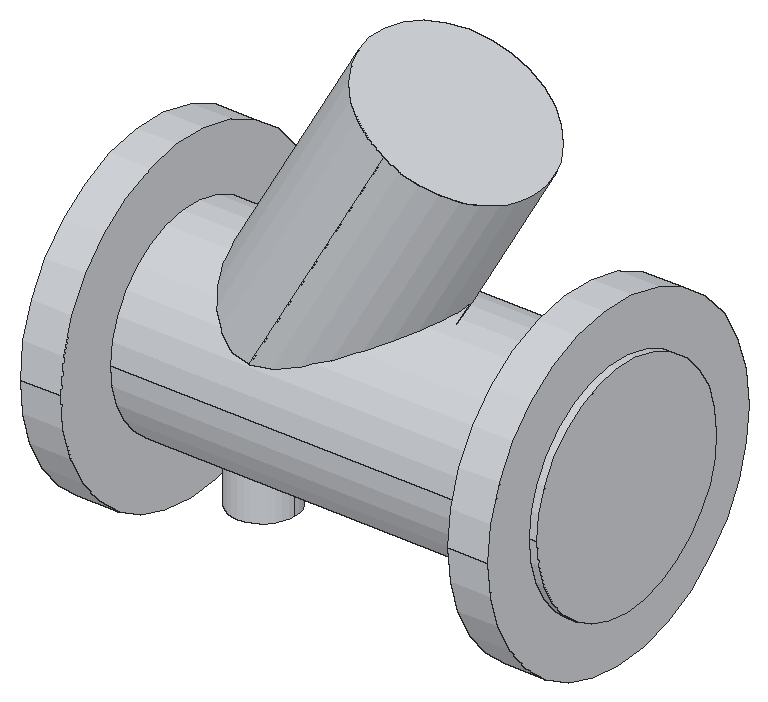
Revit family "HS 821-síto_standard-PN40-DN100-RFA_2019", category Pipe Accessories, Revit 2019
Family settings
  Round Connector Dimension = Use Diameter
  Part Type = Breaks Into
  Work Plane-Based = No
  Always vertical = Yes
  Cut with Voids When Loaded = No
  Shared = No
Parameters (values of type "821F-DN100-PN40-síto_standard")
  magiProductId = "8a45d4e8e2ab425f8c432f21d684f3"
  magiProductFamilyId = "79214ac3aaa945e397802f559f5c1e"
  magiPartTypeId = 307
  isMeasuringValve [instance] = no
  ang2D [instance] = 0.00°
  ZB__ve = -ZB  # -37.25 mm
  ZB1 = 65.61 mm
  ZB = 37.25 mm
  X2 = 114.857 mm
  X1 = 49 mm
  W2D = 15 mm
  VersionID = "2.0/2017.9.26.1/ZETKAMA_821_001"
  Use Minimum Symbol Size [instance] = yes
  URL = "www.hydronic.cz"
  Type Comments = "Filtr přírubový; síto standardní; A-PN16 (-10~300°C); D-PN25 (-10~350°C); F-PN40 (-10~400°C)"
  S = 162 mm
  QmdConnectorList = "301;D;302;D"
  Productdata [instance] = ""
  Manufacturer = "Hydronic Systems Prague s.r.o."
  MC Product Code = "240 690 (821F; DN100; PN40; kvs209,6; oko síta 1,6mm)"
  LM1 = 28 mm
  LM = 280 mm
  L4 = 87.5 mm
  L2D_Min = 3048 mm
  L2D = 130 mm
  L2 = 175 mm
  HH2 = 198.937 mm
  FD = 235 mm
  Description = "Filtr přírubový; síto standardní; 821A-PN16; 821D-PN25; 821F-PN40"
  DM1 = 131.4 mm
  DM = 145.8 mm
  D = 100 mm
  CC = 5.95 mm
  CAT0 = yes
  C1 = 29.05 mm
  C = 35 mm
  BD = 45.927 mm
Types (40, lengths in mm): name | magiProductId | ZB__ve | ZB1 | ZB | X2 | X1 | S | MC Product Code | LM1 | LM | L4 | L2 | HH2 | FD | DM1 | DM | D | CC | C1 | C | BD
  821A-DN015-PN16-síto_standard | "a71bcfe8b393460598b23e8ddf7dc5" | -16.25 | 18.63 | 16.25 | 46.982 | 18.2 | 46 | "200 115 (821A; DN015; PN16; kvs6,3; oko síta 1,00mm)" | 10.4 | 104 | 32.5 | 65 | 81.375 | 95 | 27.6 | 41.4 | 15 | 2.21 | 10.79 | 13 | 13.041
  821A-DN020-PN16-síto_standard | "41cd6c7a12924f4991217528336076" | -17.75 | 22.68 | 17.75 | 51.673 | 21 | 56 | "200 120 (821A; DN020; PN16; kvs11,2; oko síta 1,00mm)" | 12 | 120 | 37.5 | 75 | 89.5 | 105 | 33.6 | 50.4 | 20 | 2.55 | 12.45 | 15 | 15.876
  821A-DN025-PN16-síto_standard | "be378b463ed14c3abf4c9b3ae8cf3a" | -19.25 | 26.325 | 19.25 | 58.601 | 22.4 | 65 | "200 125 (821A; DN025; PN16; kvs14,7; oko síta 1,00mm)" | 12.8 | 128 | 40 | 80 | 101.5 | 115 | 43.2 | 58.5 | 25 | 2.72 | 13.28 | 16 | 18.427
  821A-DN032-PN16-síto_standard | "227a0d18b21540afabe8b6067d35fa" | -23 | 30.78 | 23 | 68.849 | 25.2 | 76 | "200 132 (821A; DN032; PN16; kvs23,7; oko síta 1,00mm)" | 14.4 | 144 | 45 | 90 | 119.25 | 140 | 50.4 | 68.4 | 32 | 3.06 | 14.94 | 18 | 21.546
  821A-DN040-PN16-síto_standard | "d106917c74724141a10440112d0102" | -24.5 | 34.02 | 24.5 | 75.777 | 28 | 84 | "200 140 (821A; DN040; PN16; kvs37,7; oko síta 1,00mm)" | 16 | 160 | 50 | 100 | 131.25 | 150 | 60 | 75.6 | 40 | 3.4 | 16.6 | 20 | 23.814
  821A-DN050-PN16-síto_standard | "8255d456a09e4f6486734f5dd9171b" | -26.75 | 40.095 | 26.75 | 79.061 | 32.2 | 99 | "200 150 (821A; DN050 PN16; kvs57,9; oko síta 1,00mm)" | 18.4 | 184 | 57.5 | 115 | 136.938 | 165 | 73.8 | 89.1 | 50 | 3.91 | 19.09 | 23 | 28.066
  821A-DN065-PN16-síto_standard | "235b1b3e4c0843779a4d5e3716d40a" | -29.75 | 47.79 | 29.75 | 86.927 | 40.6 | 118 | "200 165 (821A; DN065; PN16; kvs101,5; oko síta 1,25mm)" | 23.2 | 232 | 72.5 | 145 | 150.562 | 185 | 94.2 | 106.2 | 65 | 4.93 | 24.07 | 29 | 33.453
  821A-DN080-PN16-síto_standard | "a067f7c5236348ed8c820d16df7214" | -32 | 53.46 | 32 | 104.753 | 43.4 | 132 | "200 180 (821A; DN080; PN16; kvs147,4; oko síta 1,25mm)" | 24.8 | 248 | 77.5 | 155 | 181.438 | 200 | 107.4 | 118.8 | 80 | 5.27 | 25.73 | 31 | 37.422
  821A-DN100-PN16-síto_standard | "c49a648c2747461285837d643703cd" | -35 | 63.18 | 35 | 114.857 | 49 | 156 | "200 190 (821A; DN100; PN16; kvs209,6; oko síta 1,60mm)" | 28 | 280 | 87.5 | 175 | 198.937 | 220 | 131.4 | 140.4 | 100 | 5.95 | 29.05 | 35 | 44.226
  821A-DN125-PN16-síto_standard | "bf68e728a163493cbd2a663b26ebdc" | -39.5 | 74.52 | 39.5 | 131.888 | 56 | 184 | "200 191 (821A; DN125; PN16; kvs326,2; oko síta 1,60mm)" | 32 | 320 | 100 | 200 | 228.438 | 250 | 165 | 165.6 | 125 | 6.8 | 33.2 | 40 | 52.164
  821A-DN150-PN16-síto_standard | "2de770284b654863ae6bc865769dc5" | -44.75 | 85.455 | 44.75 | 155.885 | 67.2 | 211 | "200 192 (821A; DN150; PN16; kvs403; oko síta 1,60mm)" | 38.4 | 384 | 120 | 240 | 270 | 285 | 192 | 189.9 | 150 | 8.16 | 39.84 | 48 | 59.818
  821A-DN200-PN16-síto_standard | "8e5693371ab64aabb29a7f08c76e15" | -53 | 107.73 | 53 | 188.361 | 84 | 266 | "200 193 (821A; DN200; PN16; kvs707; oko síta 1,60mm)" | 48 | 480 | 150 | 300 | 326.25 | 340 | 252 | 239.4 | 200 | 10.2 | 49.8 | 60 | 75.411
  821A-DN250-PN16-síto_standard | "05e37ed948c34047acdd4c42556504" | -62.75 | 129.195 | 62.75 | 255.911 | 102.2 | 319 | "200 194 (821A; DN250; PN16; kvs1234; oko síta 1,60mm)" | 58.4 | 584 | 182.5 | 365 | 443.25 | 405 | 309.6 | 287.1 | 250 | 12.41 | 60.59 | 73 | 90.436
  821A-DN300-PN16-síto_standard | "9ad0af747269428da925480d83ce80" | -71 | 149.85 | 71 | 325.914 | 119 | 370 | "200 195 (821A; DN300; PN16; kvs1916; oko síta 1,60mm)" | 68 | 680 | 212.5 | 425 | 564.5 | 460 | 369.6 | 333 | 300 | 14.45 | 70.55 | 85 | 104.895
  821A-DN350-PN16-síto_standard | "eebc71459bb3451bb4355e7951370a" | -80 | 173.745 | 80 | 356.875 | 137.2 | 429 | "200 196 (821A; DN350; PN16; kvs2621; oko síta 1,60mm)" | 78.4 | 784 | 245 | 490 | 618.125 | 520 | 438 | 386.1 | 350 | 16.66 | 81.34 | 98 | 121.621
  821A-DN400-PN16-síto_standard | "d2f677cb196647e385b2590e7d8abe" | -89 | 194.4 | 89 | 392.237 | 154 | 480 | "200 197 (821A; DN400; PN16; kvs3460; oko síta 1,60mm)" | 88 | 880 | 275 | 550 | 679.375 | 580 | 498 | 432 | 400 | 18.7 | 91.3 | 110 | 136.08
  821D-DN015-PN25-síto_standard | "27ddcbf555414f8ca1fde329bf9087" | -16.25 | 18.63 | 16.25 | 46.982 | 18.2 | 46 | "200 215 (821D; DN015; PN25; kvs6,3; oko síta 1,00mm)" | 10.4 | 104 | 32.5 | 65 | 81.375 | 95 | 27.6 | 41.4 | 15 | 2.21 | 10.79 | 13 | 13.041
  821D-DN020-PN25-síto_standard | "270e0f14012f47189cd0235c18faee" | -17.75 | 22.68 | 17.75 | 51.673 | 21 | 56 | "200 220 (821D; DN020; PN25; kvs11,2; oko síta 1,00mm)" | 12 | 120 | 37.5 | 75 | 89.5 | 105 | 33.6 | 50.4 | 20 | 2.55 | 12.45 | 15 | 15.876
  821D-DN025-PN25-síto_standard | "b9a7fb4aa36643878c637d8e1ab992" | -19.25 | 26.325 | 19.25 | 58.601 | 22.4 | 65 | "200 225 (821D; DN025; PN25; kvs14,7; oko síta 1,00mm)" | 12.8 | 128 | 40 | 80 | 101.5 | 115 | 43.2 | 58.5 | 25 | 2.72 | 13.28 | 16 | 18.427
  821D-DN032-PN25-síto_standard | "6be9a55c4e68400f94eec7e804204c" | -23 | 30.78 | 23 | 68.849 | 25.2 | 76 | "200 232 (821D; DN032; PN25; kvs23,7; oko síta 1,00mm)" | 14.4 | 144 | 45 | 90 | 119.25 | 140 | 50.4 | 68.4 | 32 | 3.06 | 14.94 | 18 | 21.546
  821D-DN040-PN25-síto_standard | "c54511bd7f584ec2984291479612cb" | -24.5 | 34.02 | 24.5 | 75.777 | 28 | 84 | "200 240 (821D; DN040; PN25; kvs37,7; oko síta 1,00mm)" | 16 | 160 | 50 | 100 | 131.25 | 150 | 60 | 75.6 | 40 | 3.4 | 16.6 | 20 | 23.814
  821D-DN050-PN25-síto_standard | "5483b1f596b04cd39b23a14a22c90e" | -26.75 | 40.095 | 26.75 | 79.061 | 32.2 | 99 | "200 250 (821D; DN050; PN25; kvs57,9; oko síta 1,00mm)" | 18.4 | 184 | 57.5 | 115 | 136.938 | 165 | 73.8 | 89.1 | 50 | 3.91 | 19.09 | 23 | 28.066
  821D-DN065-PN25-síto_standard | "767b0f8318e94750bc7a9930ed5b30" | -29.75 | 47.79 | 29.75 | 86.927 | 40.6 | 118 | "200 265 (821D; DN065; PN25; kvs101,5; oko síta 1,25mm)" | 23.2 | 232 | 72.5 | 145 | 150.562 | 185 | 94.2 | 106.2 | 65 | 4.93 | 24.07 | 29 | 33.453
  821D-DN080-PN25-síto_standard | "e21040fa3cc2404b858198f6b73709" | -32 | 53.46 | 32 | 104.753 | 43.4 | 132 | "200 280 (821D; DN080; PN25; kvs147,4; oko síta 1,25mm)" | 24.8 | 248 | 77.5 | 155 | 181.438 | 200 | 107.4 | 118.8 | 80 | 5.27 | 25.73 | 31 | 37.422
  821D-DN100-PN25-síto_standard | "175ca87a506b40b3bc6b82f12f33cf" | -37.25 | 63.18 | 37.25 | 114.857 | 49 | 156 | "200 290 (821D; DN100; PN25; kvs209,6; oko síta 1,60mm)" | 28 | 280 | 87.5 | 175 | 198.937 | 235 | 131.4 | 140.4 | 100 | 5.95 | 29.05 | 35 | 44.226
  821D-DN125-PN25-síto_standard | "77cc98d60da24855999a22dff726b2" | -42.5 | 74.52 | 42.5 | 131.888 | 56 | 184 | "200 291 (821D; DN125; PN25; kvs326,2; oko síta 1,60mm)" | 32 | 320 | 100 | 200 | 228.438 | 270 | 165 | 165.6 | 125 | 6.8 | 33.2 | 40 | 52.164
  821D-DN150-PN25-síto_standard | "9cf8acfcd15547d68e83172d3abcbe" | -47 | 85.455 | 47 | 155.885 | 67.2 | 211 | "200 292 (821D; DN150; PN25; kvs403; oko síta 1,60mm)" | 38.4 | 384 | 120 | 240 | 270 | 300 | 192 | 189.9 | 150 | 8.16 | 39.84 | 48 | 59.818
  821D-DN200-PN25-síto_standard | "16973f3c9ea14389ba8602495a6b64" | -56 | 110.97 | 56 | 188.361 | 84 | 274 | "200 293 (821D; DN200; PN25; kvs707; oko síta 1,60mm)" | 48 | 480 | 150 | 300 | 326.25 | 360 | 252 | 246.6 | 200 | 10.2 | 49.8 | 60 | 77.679
  821F-DN015-PN40-síto_standard | "4c7eaf3c4c0340888b3e684d8a8616" | -16.25 | 18.225 | 16.25 | 46.982 | 18.2 | 45 | "240 615 (821F; DN015; PN40; kvs6,3; oko síta 1,00mm)" | 10.4 | 104 | 32.5 | 65 | 81.375 | 95 | 27.6 | 40.5 | 15 | 2.21 | 10.79 | 13 | 12.757
  821F-DN020-PN40-síto_standard | "aaac5f1ec96b44d6ba96ac2293d66d" | -17.75 | 23.49 | 17.75 | 51.673 | 21 | 58 | "240 620 (821F; DN020; PN40; kvs11,2; oko síta 1,00mm)" | 12 | 120 | 37.5 | 75 | 89.5 | 105 | 33.6 | 52.2 | 20 | 2.55 | 12.45 | 15 | 16.443
  821F-DN025-PN40-síto_standard | "504768023968471481789485b54c7e" | -19.25 | 27.54 | 19.25 | 58.601 | 22.4 | 68 | "240 625 (821F; DN025; PN40; kvs14,7; oko síta 1,00mm)" | 12.8 | 128 | 40 | 80 | 101.5 | 115 | 43.2 | 61.2 | 25 | 2.72 | 13.28 | 16 | 19.278
  821F-DN032-PN40-síto_standard | "165e7f39cf744f329bdf1c400dad12" | -23 | 31.59 | 23 | 68.849 | 25.2 | 78 | "240 632 (821F; DN032; PN40; kvs23,7; oko síta 1,00mm)" | 14.4 | 144 | 45 | 90 | 119.25 | 140 | 50.4 | 70.2 | 32 | 3.06 | 14.94 | 18 | 22.113
  821F-DN040-PN40-síto_standard | "b8903f952089408fbf3a5a632bab1f" | -24.5 | 35.64 | 24.5 | 75.777 | 28 | 88 | "240 640 (821F; DN040; PN40; kvs37,7; oko síta 1,00mm)" | 16 | 160 | 50 | 100 | 131.25 | 150 | 60 | 79.2 | 40 | 3.4 | 16.6 | 20 | 24.948
  821F-DN050-PN40-síto_standard | "c451f97266fe48da8f879cb6a2bd44" | -26.75 | 41.31 | 26.75 | 79.061 | 32.2 | 102 | "240 650 (821F; DN050; PN40; kvs57,9; oko síta 1,00mm)" | 18.4 | 184 | 57.5 | 115 | 136.938 | 165 | 73.8 | 91.8 | 50 | 3.91 | 19.09 | 23 | 28.917
  821F-DN065-PN40-síto_standard | "dc9821e3f9b34e128f6a8c6b34c198" | -29.75 | 49.41 | 29.75 | 86.927 | 40.6 | 122 | "240 665 (821F; DN065; PN40; kvs101,5; oko síta 1,25mm)" | 23.2 | 232 | 72.5 | 145 | 150.562 | 185 | 94.2 | 109.8 | 65 | 4.93 | 24.07 | 29 | 34.587
  821F-DN080-PN40-síto_standard | "689aa1e260f84cf4994f027a1d86b5" | -32 | 55.89 | 32 | 104.753 | 43.4 | 138 | "240 680 (821F; DN080; PN40; kvs147,4; oko síta 1,25mm)" | 24.8 | 248 | 77.5 | 155 | 181.438 | 200 | 107.4 | 124.2 | 80 | 5.27 | 25.73 | 31 | 39.123
  821F-DN100-PN40-síto_standard | "8a45d4e8e2ab425f8c432f21d684f3" | -37.25 | 65.61 | 37.25 | 114.857 | 49 | 162 | "240 690 (821F; DN100; PN40; kvs209,6; oko síta 1,6mm)" | 28 | 280 | 87.5 | 175 | 198.937 | 235 | 131.4 | 145.8 | 100 | 5.95 | 29.05 | 35 | 45.927
  821F-DN125-PN40-síto_standard | "cf073904c006406b8645afa67ea2fc" | -42.5 | 76.14 | 42.5 | 131.888 | 56 | 188 | "240 691 (821F; DN125; PN40; kvs326,2; oko síta 1,6mm)" | 32 | 320 | 100 | 200 | 228.438 | 270 | 165 | 169.2 | 125 | 6.8 | 33.2 | 40 | 53.298
  821F-DN150-PN40-síto_standard | "0153b9ddabe14992a630484929fdbc" | -47 | 88.29 | 47 | 155.885 | 67.2 | 218 | "240 692 (821F; DN150; PN40; kvs403; oko síta 1,6mm)" | 38.4 | 384 | 120 | 240 | 270 | 300 | 192 | 196.2 | 150 | 8.16 | 39.84 | 48 | 61.803
  821F-DN200-PN40-síto_standard | "7fb3fc01dd8d42428c203e3f8dd4d5" | -56 | 115.425 | 56 | 188.361 | 84 | 285 | "240 693 (821F; DN200; PN40; kvs707; oko síta 1,6mm)" | 48 | 480 | 150 | 300 | 326.25 | 360 | 252 | 256.5 | 200 | 10.2 | 49.8 | 60 | 80.797
Reference planes
  plane 1 "Center (Front/Back)": y = 0
  plane 2 "XYPLANE": z = 0
  plane 3 "Center (Left/Right)": x = 0
  plane 4 "109": x = -112
  plane 5 "108": x = 140
  plane 6 "107": x = -140
  plane 7 "105": x = 175
  plane 8 "104": x = -175
  plane 9 "103": y = 0
  plane 10 "102": z = 0
  plane 11 "101": x = -169.05
  plane 12 "100": x = 169.05
  plane 13 "11": x = -63
  plane 14 "10": z = 198.937
  plane 15 "9": x = 51.857
  plane 16 "5": z = -65.61
  plane 17 "4": x = -87.5
  plane 18 "1": x = 87.5
Forms (mm)
  Extrusion 1, solid, visible <- "CAT0"
    sketch origin (-140, -750, 0) x (0, 1, 0) y (0, 0, 1)
      loop
        circle (750, 0) r 72.9
    from 0 to 280 <- "LM"
  Extrusion 2, solid
    sketch origin (-175, -750, 0) x (0, 1, 0) y (0, 0, 1)
      loop
        circle (750, 0) r 81
    from 0 to 5.95 <- "CC"
  Extrusion 3, solid
    sketch origin (-169.05, -750, 0) x (0, 1, 0) y (0, 0, 1)
      loop
        circle (750, 0) r 117.5
    from 0 to 29.05 <- "C1"
  Extrusion 4, solid
    sketch origin (140, -750, 0) x (0, 1, 0) y (0, 0, 1)
      loop
        circle (750, 0) r 117.5
    from 0 to 29.05 <- "C1"
  Extrusion 5, solid
    sketch origin (169.05, -750, 0) x (0, 1, 0) y (0, 0, 1)
      loop
        circle (750, 0) r 81
    from 0 to 5.95 <- "CC"
  Sweep 6, solid, visible <- "CAT0"
    path origin (750, 0, 0) x (-1, 0, 0) y (0, 0, 1)
      loop
        line (890, 0) -> (813, 0) -> (698.143, 198.937)
    profile origin (-140, 0, 0) x (0, 0, -1) y (0, 1, 0)
      loop
        circle (0, 0) r 65.7
  Extrusion 7, solid, visible <- "CAT0"
    sketch origin (-750, 0, -65.61) x (1, 0, 0) y (0, 1, 0)
      loop
        circle (662.5, 0) r 22.963
    from 0 to -37.25 <- "ZB__ve"
  Extrusion 8, solid, visible <- "CAT0"
    sketch origin (-750, 0, -65.61) x (1, 0, 0) y (0, 1, 0)
      loop
        circle (837.5, 0) r 22.963
    from 0 to -37.25 <- "ZB__ve"
  Extrusion 9, solid, not visible
    sketch origin (175, -750, 0) x (0, 1, 0) y (0, 0, 1)
      loop
        circle (750, 0) r 10
    from 0 to -10
  Extrusion 10, solid, not visible
    sketch origin (-175, -750, 0) x (0, 1, 0) y (0, 0, 1)
      loop
        circle (750, 0) r 10
    from 0 to 10
Lines and regions (mm)
  reference lines, not visible
    curve 1: circle (2, 2, 0) r 1 normal (0, 0, 1)
Dimensions and locks
  plane 1 "Center (Front/Back)" to curve 1 = 2 mm
  "LM1": plane 6 "107" to plane 4 "109"
  "LM": plane 6 "107" to plane 5 "108"
  "C": plane 8 "104" to plane 6 "107"
  "L2": plane 3 "Center (Left/Right)" to plane 7 "105"
  "L2": plane 3 "Center (Left/Right)" to plane 8 "104"
  locked: plane 1 "Center (Front/Back)" to plane 9 "103"
  locked: plane 2 "XYPLANE" to plane 10 "102"
  "CC": plane 8 "104" to plane 11 "101"
  "C1": plane 5 "108" to plane 12 "100"
  "X1": plane 4 "109" to plane 13 "11"
  "HH2": plane 2 "XYPLANE" to plane 14 "10"
  "X2": plane 13 "11" to plane 15 "9"
  "ZB1": plane 2 "XYPLANE" to plane 16 "5"
  "L4": plane 8 "104" to plane 17 "4"
  "L2": plane 17 "4" to plane 18 "1"
  Sweep 6 sketch curve to Sweep 6 sketch curve = 0 mm  (x2)
  "DM": diameter of Extrusion 1 sketch curve
  "S": diameter of Extrusion 2 sketch curve
  "FD": diameter of Extrusion 3 sketch curve
  "FD": diameter of Extrusion 4 sketch curve
  "S": diameter of Extrusion 5 sketch curve
  "DM1": diameter of Sweep 6 sketch curve
  "BD": diameter of Extrusion 7 sketch curve
  "BD": diameter of Extrusion 8 sketch curve
  aligned and locked: level to plane 2 "XYPLANE"
  aligned and locked: Extrusion 1 sketch curve to plane 9 "103"
  aligned and locked: plane 10 "102" to Extrusion 1 sketch curve
  aligned and locked: Extrusion 2 sketch curve to plane 9 "103"
  aligned and locked: plane 10 "102" to Extrusion 2 sketch curve
  aligned and locked: Extrusion 3 sketch curve to plane 9 "103"
  aligned and locked: plane 10 "102" to Extrusion 3 sketch curve
  aligned and locked: Extrusion 4 sketch curve to plane 9 "103"
  aligned and locked: plane 10 "102" to Extrusion 4 sketch curve
  aligned and locked: Extrusion 5 sketch curve to plane 9 "103"
  aligned and locked: plane 10 "102" to Extrusion 5 sketch curve
  aligned and locked: Sweep 6 sketch curve to plane 9 "103"
  aligned and locked: plane 10 "102" to Sweep 6 sketch curve  (x3)
  aligned and locked: plane 6 "107" to Sweep 6 sketch curve
  aligned and locked: plane 13 "11" to Sweep 6 sketch curve
  aligned and locked: plane 14 "10" to Sweep 6 sketch curve
  aligned and locked: plane 15 "9" to Sweep 6 sketch curve
  aligned and locked: plane 9 "103" to Extrusion 7 sketch curve
  aligned and locked: plane 17 "4" to Extrusion 7 sketch curve
  aligned and locked: plane 9 "103" to Extrusion 8 sketch curve
  aligned and locked: plane 18 "1" to Extrusion 8 sketch curve
  aligned and locked: Extrusion 9 sketch curve to plane 9 "103"
  aligned and locked: plane 10 "102" to Extrusion 9 sketch curve
  aligned and locked: Extrusion 10 sketch curve to plane 9 "103"
  aligned and locked: plane 10 "102" to Extrusion 10 sketch curve
Automatic sketch dimensions
  plane 1 "Center (Front/Back)" to Extrusion 9 sketch curve = 10 mm
  plane 1 "Center (Front/Back)" to Extrusion 10 sketch curve = 10 mm
  plane 3 "Center (Left/Right)" to curve 1 = 2 mm
  radius of curve 1 = 1 mm
Connectors
  piping at (-175, 0, 0), diameter 100, driven by "D"
    settings: on Extrusion 10, index 1, connector inside diameter 609.6 mm, connector length 0 mm, flow factor 0, pipe flow 0.0 L/s, pressure drop 0.0 Pa, fitting loss kfactor 0, connector angle 0.00°, fixture units 0, engagement length 0 mm, angle of deflection 0.00°, flow configuration 0, flow direction 0, fitting loss method 0, system type 29, joint type 0, gender type 0, connector reference index 2, connector utility 0, adjustable connector no, is connector primary yes, connector description ""
  piping at (175, 0, 0), diameter 100, driven by "D"
    settings: on Extrusion 9, index 2, connector inside diameter 609.6 mm, connector length 0 mm, flow factor 0, pipe flow 0.0 L/s, pressure drop 0.0 Pa, fitting loss kfactor 0, connector angle 0.00°, fixture units 0, engagement length 0 mm, angle of deflection 0.00°, flow configuration 0, flow direction 0, fitting loss method 0, system type 29, joint type 0, gender type 0, connector reference index 1, connector utility 0, adjustable connector no, is connector primary no, connector description ""
